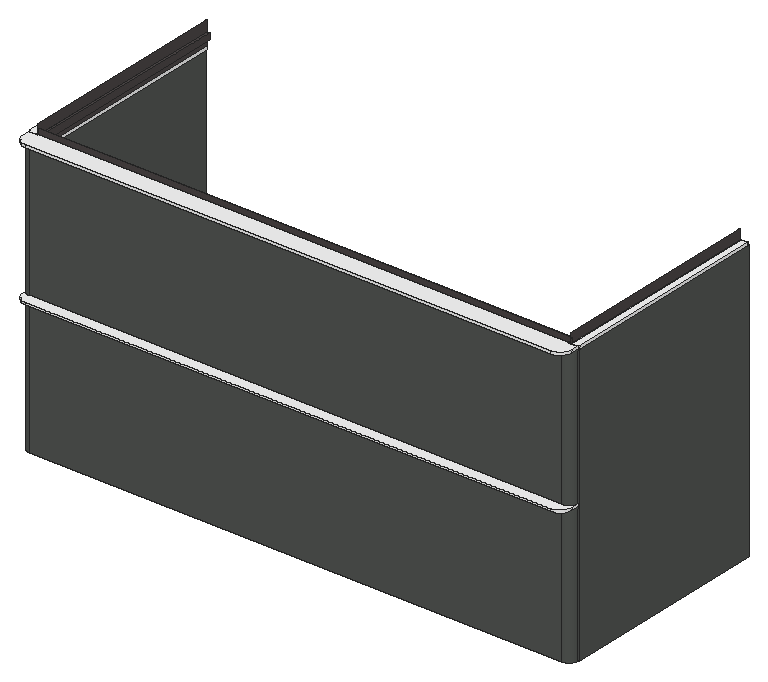
Revit family "vanity unit with 2 drawers", category Furniture, Revit 2019 (continued)
Definition of nested family "vanity unit 1180_475 with 2 drawers for washbasin-54038700-dark walnut-matt_white-400_content"
  Forms (mm)
    Extrusion 14, solid, visible <- "ContentVisible", detail levels medium+fine
      sketch origin (0, 0, 600) x (1, 0, 0) y (0, 1, 0)
        loop
          arc (590, -3) -> (589.121, -0.879) -> (587, 0) r 3
          line (587, 0) -> (574, 0)
      from 0 to 5
    Extrusion 15, solid, visible <- "ContentVisible", detail levels medium+fine
      sketch origin (0, 0, 0) x (1, 0, 0) y (0, 0, -1)
        loop
          line (-572.5, -575.3) -> (-572.5, -624.5) -> (-571, -624.5) -> (-571, -602.8) -> (-566.4, -602.8) -> (-566.4, -588.3) -> (-571, -588.3) -> (-571, -575.3) -> (-572.5, -575.3)
      from -453.5 to 0
    Extrusion 16, solid, visible <- "ContentVisible", detail levels medium+fine
      sketch origin (0, 0, 0) x (1, 0, 0) y (0, 0, -1)
        loop
          line (566.4, -588.3) -> (566.4, -602.8) -> (571, -602.8) -> (571, -624.5) -> (572.5, -624.5) -> (572.5, -575.3) -> (571, -575.3) -> (571, -588.3) -> (566.4, -588.3)
      from -453.5 to 0
    Extrusion 17, solid, visible <- "ContentVisible", detail levels medium+fine
      sketch origin (0, 0, 0) x (0, 0, -1) y (0, 1, 0)
        loop
          line (-616, -453.5) -> (-567, -453.5) -> (-567, -452) -> (-588.5, -452) -> (-588.5, -447.4) -> (-603, -447.4) -> (-603, -452) -> (-616, -452) -> (-616, -453.5)
      from -572.5 to 572.5
    Extrusion 18, solid, visible <- "ContentVisible", detail levels coarse
      sketch origin (0, -248, 0) x (1, 0, 0) y (0, 1, 0)
        loop
          line (-590, -248) -> (590, -248) -> (590, 248) -> (-590, 248) -> (-590, -248)
      from 0 to 624.5
  Dimensions and locks
    aligned and locked: level to plane 2
Definition of nested family "vanity unit 480_475 with 2 drawers for handrinse basin-54019000-high gloss white-chrome-200_content"
  Parameters (values of type "Vanity unit 480_475 with 2 drawers for handrinse basin-54019000-High Gloss White-CHROME-200_Content")
    etim7_EC011381 = "EC011381"
    WEIGHT = "25.3"
    UNSPSC = "56 | Furniture and Furnishings"
    UNIFORMATII = "E2010 | Fixed Furnishings"
    UNICLASS_2015_CODE = "40_30_78_05"
    UNICLASS2015 = "Pr_40_30_78_05 | Bathroom furniture"
    SURFACE = "CHROME"
    REGIONSET = "Worldwide"
    PRODUCTURL = "https://pro.hansgrohe.com/articledetail--54019000"
    PRODUCTGROUP = "vanity unit"
    PRODUCTFAMILY = "Xelu Q"
    PERMALINK = "54019XXX"
    OMNICLASS = "23-21 19 15 33 13 | Residential Bathroom Specialty Casework"
    OBJECTTYPE = "Object (single object)"
    OBERFLAECHE = "High Gloss White"
    NN = "Vanity Unit with 2 Drawers"
    NBSYN = "$BASENUMBER.-$ARTNR.-$OBERFLAECHE.-$SURFACE.-$LODLEVEL."
    NB = "Vanity unit 480/475 with 2 drawers for handrinse basin-54019000-High Gloss White-CHROME-200"
    NAME = "Xelu Q Vanity unit High Gloss White 480/475 with 2 drawers for handrinse basin"
    Model = "Vanity unit 480/475 with 2 drawers for handrinse basin-54019000-High Gloss White-CHROME-200"
    Manufacturer = "Hansgrohe"
    MASTERFORMAT = "12 35 30.23 | Bathroom Casework"
    LODLEVEL = "200"
    LINA = "Vanity unit 480/475 with 2 drawers for handrinse basin-54019000-High Gloss White-CHROME-200"
    L = 480
    IFC = "Furnishing element"
    GTINCODE = "4059625455289"
    ETIM = "EC011381 | Bathroom furniture set"
    Default Elevation = 1219.2 mm
    DESIGN = "Germany"
    ContentVisible [instance] = yes
    CATALOG = "Hansgrohe"
    BIMOBJECT = "Sanitary: Compound units"
    BASENUMBER = "Vanity unit 480/475 with 2 drawers for handrinse basin"
    ARTNR = "54019000"
  Reference planes
    plane 1 "Center (Front/Back)": y = 0
    plane 2: z = 0
    plane 3 "Center (Left/Right)": x = 0
  Forms (mm)
    Extrusion 1, solid, visible <- "ContentVisible", detail levels medium+fine
      sketch origin (0, 0, 0) x (1, 0, 0) y (0, 1, 0)
        loop
          line (-240, 0) -> (-240, -476) -> (240, -476) -> (240, 0) -> (224, 0) -> (224, -72) -> (-224, -72) -> (-224, 0) -> (-240, 0)
      from 0 to 600
    Extrusion 2, solid, visible <- "ContentVisible", detail levels medium+fine
      sketch origin (0, 0, 297) x (1, 0, 0) y (0, 1, 0)
        loop
          line (-238.5, -453.5) -> (-238.5, -496) -> (238.5, -496) -> (238.5, -453.5) -> (-238.5, -453.5)
      from 0 to 5
    Extrusion 3, solid, visible <- "ContentVisible", detail levels medium+fine
      sketch origin (0, 0, 600) x (1, 0, 0) y (0, 1, 0)
        loop
          line (-238.5, -453.5) -> (-238.5, -496) -> (238.5, -496) -> (238.5, -453.5) -> (-238.5, -453.5)
      from 0 to 5
    Extrusion 4, solid, visible <- "ContentVisible", detail levels medium+fine
      sketch origin (0, 0, 0) x (1, 0, 0) y (0, 0, -1)
        loop
          line (-224, -566.8) -> (-224, -605) -> (-222.5, -605) -> (-222.5, -566.8) -> (-224, -566.8)
      from -455 to 0
    Extrusion 5, solid, visible <- "ContentVisible", detail levels medium+fine
      sketch origin (0, 0, 0) x (1, 0, 0) y (0, 0, -1)
        loop
          line (222.5, -566.8) -> (222.5, -605) -> (224, -605) -> (224, -566.8) -> (222.5, -566.8)
      from -455 to 0
    Extrusion 6, solid, visible <- "ContentVisible", detail levels medium+fine
      sketch origin (0, 0, 600) x (1, 0, 0) y (0, 1, 0)
        loop
          line (-240, 0) -> (-240, -455) -> (-224, -455) -> (-224, 0) -> (-240, 0)
      from 0 to 5
    Extrusion 7, solid, visible <- "ContentVisible", detail levels medium+fine
      sketch origin (0, 0, 600) x (1, 0, 0) y (0, 1, 0)
        loop
          line (224, 0) -> (224, -455) -> (240, -455) -> (240, 0) -> (224, 0)
      from 0 to 5
    Extrusion 8, solid, visible <- "ContentVisible", detail levels medium+fine
      sketch origin (0, 0, 0) x (1, 0, 0) y (0, 0, -1)
        loop
          line (-222.5, -575.3) -> (-222.5, -624.5) -> (-216.4, -624.5) -> (-216.4, -575.3) -> (-222.5, -575.3)
      from -453.5 to 0
    Extrusion 9, solid, visible <- "ContentVisible", detail levels medium+fine
      sketch origin (0, 0, 0) x (1, 0, 0) y (0, 0, -1)
        loop
          line (216.4, -575.3) -> (216.4, -624.5) -> (222.5, -624.5) -> (222.5, -575.3) -> (216.4, -575.3)
      from -453.5 to 0
    Extrusion 10, solid, visible <- "ContentVisible", detail levels medium+fine
      sketch origin (0, 0, 0) x (0, 0, -1) y (0, 1, 0)
        loop
          line (-616, -453.5) -> (-567, -453.5) -> (-567, -447.4) -> (-616, -447.4) -> (-616, -453.5)
      from -222.5 to 222.5
    Extrusion 11, solid, visible <- "ContentVisible", detail levels coarse
      sketch origin (0, -248, 0) x (1, 0, 0) y (0, 1, 0)
        loop
          line (-240, -248) -> (240, -248) -> (240, 248) -> (-240, 248) -> (-240, -248)
      from 0 to 624.5
  Dimensions and locks
    aligned and locked: level to plane 2
Definition of nested family "vanity unit 480_475 with 2 drawers for handrinse basin-54019000-high gloss white-chrome-400_content"
  Parameters (values of type "Vanity unit 480_475 with 2 drawers for handrinse basin-54019000-High Gloss White-CHROME-400_Content")
    etim7_EC011381 = "EC011381"
    WEIGHT = "25.3"
    UNSPSC = "56 | Furniture and Furnishings"
    UNIFORMATII = "E2010 | Fixed Furnishings"
    UNICLASS_2015_CODE = "40_30_78_05"
    UNICLASS2015 = "Pr_40_30_78_05 | Bathroom furniture"
    SURFACE = "CHROME"
    REGIONSET = "Worldwide"
    PRODUCTURL = "https://pro.hansgrohe.com/articledetail--54019000"
    PRODUCTGROUP = "vanity unit"
    PRODUCTFAMILY = "Xelu Q"
    PERMALINK = "54019XXX"
    OMNICLASS = "23-21 19 15 33 13 | Residential Bathroom Specialty Casework"
    OBJECTTYPE = "Object (single object)"
    OBERFLAECHE = "High Gloss White"
    NN = "Vanity Unit with 2 Drawers"
    NBSYN = "$BASENUMBER.-$ARTNR.-$OBERFLAECHE.-$SURFACE.-$LODLEVEL."
    NB = "Vanity unit 480/475 with 2 drawers for handrinse basin-54019000-High Gloss White-CHROME-400"
    NAME = "Xelu Q Vanity unit High Gloss White 480/475 with 2 drawers for handrinse basin"
    Model = "Vanity unit 480/475 with 2 drawers for handrinse basin-54019000-High Gloss White-CHROME-400"
    Manufacturer = "Hansgrohe"
    MASTERFORMAT = "12 35 30.23 | Bathroom Casework"
    LODLEVEL = "400"
    LINA = "Vanity unit 480/475 with 2 drawers for handrinse basin-54019000-High Gloss White-CHROME-400"
    L = 480
    IFC = "Furnishing element"
    GTINCODE = "4059625455289"
    ETIM = "EC011381 | Bathroom furniture set"
    Default Elevation = 1219.2 mm
    DESIGN = "Germany"
    ContentVisible [instance] = yes
    CATALOG = "Hansgrohe"
    BIMOBJECT = "Sanitary: Compound units"
    BASENUMBER = "Vanity unit 480/475 with 2 drawers for handrinse basin"
    ARTNR = "54019000"
  Reference planes
    plane 1 "Center (Front/Back)": y = 0
    plane 2: z = 0
    plane 3 "Center (Left/Right)": x = 0
  Forms (mm)
    Extrusion 1, solid, visible <- "ContentVisible", detail levels medium+fine
      sketch origin (0, 0, 0) x (1, 0, 0) y (0, 1, 0)
        loop
          line (-240, 0) -> (-240, -452)
          arc (-240, -452) -> (-239.121, -454.121) -> (-237, -455) r 3
          line (-237, -455) -> (-224, -455) -> (-224, 0) -> (-240, 0)
      from 0 to 600
    Extrusion 2, solid, visible <- "ContentVisible", detail levels medium+fine
      sketch origin (0, 0, 2) x (1, 0, 0) y (0, 1, 0)
        loop
          line (-224, -88) -> (-224, -455) -> (224, -455) -> (224, -88) -> (-224, -88)
      from 0 to 16
    Extrusion 3, solid, visible <- "ContentVisible", detail levels medium+fine
      sketch origin (0, 0, 0) x (1, 0, 0) y (0, 1, 0)
        loop
          line (224, 0) -> (224, -455) -> (237, -455)
          arc (237, -455) -> (239.121, -454.121) -> (240, -452) r 3
          line (240, -452) -> (240, 0) -> (224, 0)
      from 0 to 600
    Extrusion 4, solid, visible <- "ContentVisible", detail levels medium+fine
      sketch origin (0, 0, 2) x (1, 0, 0) y (0, 1, 0)
        loop
          line (-224, -72) -> (-224, -88) -> (224, -88) -> (224, -72) -> (-224, -72)
      from 0 to 126
    Extrusion 5, solid, visible <- "ContentVisible", detail levels medium+fine
      sketch origin (0, 0, 2) x (1, 0, 0) y (0, 1, 0)
        loop
          arc (-240, -457) -> (-234.435, -470.435) -> (-221, -476) r 19
          line (-221, -476) -> (221, -476)
          arc (221, -476) -> (234.435, -470.435) -> (240, -457) r 19
          line (240, -457) -> (240, -455) -> (-240, -455) -> (-240, -457)
      from 0 to 295
    Extrusion 6, solid, visible <- "ContentVisible", detail levels medium+fine
      sketch origin (0, 0, 305) x (1, 0, 0) y (0, 1, 0)
        loop
          arc (-240, -457) -> (-234.435, -470.435) -> (-221, -476) r 19
          line (-221, -476) -> (221, -476)
          arc (221, -476) -> (234.435, -470.435) -> (240, -457) r 19
          line (240, -457) -> (240, -455) -> (-240, -455) -> (-240, -457)
      from 0 to 295
    Extrusion 7, solid, visible <- "ContentVisible", detail levels medium+fine
      sketch origin (0, 0, 297) x (1, 0, 0) y (0, 1, 0)
        loop
          line (-238.5, -455) -> (-238.5, -471)
          arc (-238.5, -471) -> (-231.178, -488.678) -> (-213.5, -496) r 25
          line (-213.5, -496) -> (213.5, -496)
          arc (213.5, -496) -> (231.178, -488.678) -> (238.5, -471) r 25
          line (238.5, -471) -> (238.5, -455) -> (218.5, -455) -> (218.5, -453.5) -> (-218.5, -453.5) -> (-218.5, -455) -> (-238.5, -455)
      from 0 to 5
    Extrusion 8, solid, visible <- "ContentVisible", detail levels medium+fine
      sketch origin (0, 0, 0) x (0, 0, -1) y (0, 1, 0)
        loop
          line (-297, -453.5) -> (-297, -455) -> (-267, -455) -> (-267, -453.5) -> (-297, -453.5)
      from -218.5 to 218.5
    Extrusion 9, solid, visible <- "ContentVisible", detail levels medium+fine
      sketch origin (0, 0, 600) x (1, 0, 0) y (0, 1, 0)
        loop
          line (-238.5, -455) -> (-238.5, -471)
          arc (-238.5, -471) -> (-231.178, -488.678) -> (-213.5, -496) r 25
          line (-213.5, -496) -> (213.5, -496)
          arc (213.5, -496) -> (231.178, -488.678) -> (238.5, -471) r 25
          line (238.5, -471) -> (238.5, -455) -> (218.5, -455) -> (218.5, -453.5) -> (-218.5, -453.5) -> (-218.5, -455) -> (-238.5, -455)
      from 0 to 5
    Extrusion 10, solid, visible <- "ContentVisible", detail levels medium+fine
      sketch origin (0, 0, 0) x (0, 0, -1) y (0, 1, 0)
        loop
          line (-600, -453.5) -> (-600, -455) -> (-570, -455) -> (-570, -453.5) -> (-600, -453.5)
      from -218.5 to 218.5
    Extrusion 11, solid, visible <- "ContentVisible", detail levels medium+fine
      sketch origin (0, 0, 0) x (1, 0, 0) y (0, 0, -1)
        loop
          line (-224, -566.8) -> (-224, -605) -> (-222.5, -605) -> (-222.5, -566.8) -> (-224, -566.8)
      from -455 to 0
    Extrusion 12, solid, visible <- "ContentVisible", detail levels medium+fine
      sketch origin (0, 0, 0) x (1, 0, 0) y (0, 0, -1)
        loop
          line (222.5, -566.8) -> (222.5, -605) -> (224, -605) -> (224, -566.8) -> (222.5, -566.8)
      from -455 to 0
    Extrusion 13, solid, visible <- "ContentVisible", detail levels medium+fine
      sketch origin (0, 0, 600) x (1, 0, 0) y (0, 1, 0)
        loop
          line (-240, -3) -> (-240, -452)
          arc (-240, -452) -> (-239.121, -454.121) -> (-237, -455) r 3
          line (-237, -455) -> (-224, -455) -> (-224, 0) -> (-237, 0)
          arc (-237, 0) -> (-239.121, -0.879) -> (-240, -3) r 3
      from 0 to 5
    Extrusion 14, solid, visible <- "ContentVisible", detail levels medium+fine
      sketch origin (0, 0, 600) x (1, 0, 0) y (0, 1, 0)
        loop
          line (224, 0) -> (224, -455) -> (237, -455)
          arc (237, -455) -> (239.121, -454.121) -> (240, -452) r 3
          line (240, -452) -> (240, -3)
          arc (240, -3) -> (239.121, -0.879) -> (237, 0) r 3
          line (237, 0) -> (224, 0)
      from 0 to 5
    Extrusion 15, solid, visible <- "ContentVisible", detail levels medium+fine
      sketch origin (0, 0, 0) x (1, 0, 0) y (0, 0, -1)
        loop
          line (-222.5, -575.3) -> (-222.5, -624.5) -> (-221, -624.5) -> (-221, -602.8) -> (-216.4, -602.8) -> (-216.4, -588.3) -> (-221, -588.3) -> (-221, -575.3) -> (-222.5, -575.3)
      from -453.5 to 0
    Extrusion 16, solid, visible <- "ContentVisible", detail levels medium+fine
      sketch origin (0, 0, 0) x (1, 0, 0) y (0, 0, -1)
        loop
          line (216.4, -588.3) -> (216.4, -602.8) -> (221, -602.8) -> (221, -624.5) -> (222.5, -624.5) -> (222.5, -575.3) -> (221, -575.3) -> (221, -588.3) -> (216.4, -588.3)
      from -453.5 to 0
    Extrusion 17, solid, visible <- "ContentVisible", detail levels medium+fine
      sketch origin (0, 0, 0) x (0, 0, -1) y (0, 1, 0)
        loop
          line (-616, -453.5) -> (-567, -453.5) -> (-567, -452) -> (-588.5, -452) -> (-588.5, -447.4) -> (-603, -447.4) -> (-603, -452) -> (-616, -452) -> (-616, -453.5)
      from -222.5 to 222.5
    Extrusion 18, solid, visible <- "ContentVisible", detail levels coarse
      sketch origin (0, -248, 0) x (1, 0, 0) y (0, 1, 0)
        loop
          line (-240, -248) -> (240, -248) -> (240, 248) -> (-240, 248) -> (-240, -248)
      from 0 to 624.5
  Dimensions and locks
    aligned and locked: level to plane 2
Definition of nested family "vanity unit 480_475 with 2 drawers for handrinse basin-54019670-high gloss white-matt_black-200_content"
  Parameters (values of type "Vanity unit 480_475 with 2 drawers for handrinse basin-54019670-High Gloss White-MATT_BLACK-200_Content")
    etim7_EC011381 = "EC011381"
    WEIGHT = "25.3"
    UNSPSC = "56 | Furniture and Furnishings"
    UNIFORMATII = "E2010 | Fixed Furnishings"
    UNICLASS_2015_CODE = "40_30_78_05"
    UNICLASS2015 = "Pr_40_30_78_05 | Bathroom furniture"
    SURFACE = "MATT_BLACK"
    REGIONSET = "Worldwide"
    PRODUCTURL = "https://pro.hansgrohe.com/articledetail--54019000"
    PRODUCTGROUP = "vanity unit"
    PRODUCTFAMILY = "Xelu Q"
    PERMALINK = "54019XXX"
    OMNICLASS = "23-21 19 15 33 13 | Residential Bathroom Specialty Casework"
    OBJECTTYPE = "Object (single object)"
    OBERFLAECHE = "High Gloss White"
    NN = "Vanity Unit with 2 Drawers"
    NBSYN = "$BASENUMBER.-$ARTNR.-$OBERFLAECHE.-$SURFACE.-$LODLEVEL."
    NB = "Vanity unit 480/475 with 2 drawers for handrinse basin-54019670-High Gloss White-MATT_BLACK-200"
    NAME = "Xelu Q Vanity unit High Gloss White 480/475 with 2 drawers for handrinse basin"
    Model = "Vanity unit 480/475 with 2 drawers for handrinse basin-54019670-High Gloss White-MATT_BLACK-200"
    Manufacturer = "Hansgrohe"
    MASTERFORMAT = "12 35 30.23 | Bathroom Casework"
    LODLEVEL = "200"
    LINA = "Vanity unit 480/475 with 2 drawers for handrinse basin-54019670-High Gloss White-MATT_BLACK-200"
    L = 480
    IFC = "Furnishing element"
    GTINCODE = "4059625455289"
    ETIM = "EC011381 | Bathroom furniture set"
    Default Elevation = 1219.2 mm
    DESIGN = "Germany"
    ContentVisible [instance] = yes
    CATALOG = "Hansgrohe"
    BIMOBJECT = "Sanitary: Compound units"
    BASENUMBER = "Vanity unit 480/475 with 2 drawers for handrinse basin"
    ARTNR = "54019670"
  Reference planes
    plane 1 "Center (Front/Back)": y = 0
    plane 2: z = 0
    plane 3 "Center (Left/Right)": x = 0
  Forms (mm)
    Extrusion 1, solid, visible <- "ContentVisible", detail levels medium+fine
      sketch origin (0, 0, 0) x (1, 0, 0) y (0, 1, 0)
        loop
          line (-240, 0) -> (-240, -476) -> (240, -476) -> (240, 0) -> (224, 0) -> (224, -72) -> (-224, -72) -> (-224, 0) -> (-240, 0)
      from 0 to 600
    Extrusion 2, solid, visible <- "ContentVisible", detail levels medium+fine
      sketch origin (0, 0, 297) x (1, 0, 0) y (0, 1, 0)
        loop
          line (-238.5, -453.5) -> (-238.5, -496) -> (238.5, -496) -> (238.5, -453.5) -> (-238.5, -453.5)
      from 0 to 5
    Extrusion 3, solid, visible <- "ContentVisible", detail levels medium+fine
      sketch origin (0, 0, 600) x (1, 0, 0) y (0, 1, 0)
        loop
          line (-238.5, -453.5) -> (-238.5, -496) -> (238.5, -496) -> (238.5, -453.5) -> (-238.5, -453.5)
      from 0 to 5
    Extrusion 4, solid, visible <- "ContentVisible", detail levels medium+fine
      sketch origin (0, 0, 0) x (1, 0, 0) y (0, 0, -1)
        loop
          line (-224, -566.8) -> (-224, -605) -> (-222.5, -605) -> (-222.5, -566.8) -> (-224, -566.8)
      from -455 to 0
    Extrusion 5, solid, visible <- "ContentVisible", detail levels medium+fine
      sketch origin (0, 0, 0) x (1, 0, 0) y (0, 0, -1)
        loop
          line (222.5, -566.8) -> (222.5, -605) -> (224, -605) -> (224, -566.8) -> (222.5, -566.8)
      from -455 to 0
    Extrusion 6, solid, visible <- "ContentVisible", detail levels medium+fine
      sketch origin (0, 0, 600) x (1, 0, 0) y (0, 1, 0)
        loop
          line (-240, 0) -> (-240, -455) -> (-224, -455) -> (-224, 0) -> (-240, 0)
      from 0 to 5
    Extrusion 7, solid, visible <- "ContentVisible", detail levels medium+fine
      sketch origin (0, 0, 600) x (1, 0, 0) y (0, 1, 0)
        loop
          line (224, 0) -> (224, -455) -> (240, -455) -> (240, 0) -> (224, 0)
      from 0 to 5
    Extrusion 8, solid, visible <- "ContentVisible", detail levels medium+fine
      sketch origin (0, 0, 0) x (1, 0, 0) y (0, 0, -1)
        loop
          line (-222.5, -575.3) -> (-222.5, -624.5) -> (-216.4, -624.5) -> (-216.4, -575.3) -> (-222.5, -575.3)
      from -453.5 to 0
    Extrusion 9, solid, visible <- "ContentVisible", detail levels medium+fine
      sketch origin (0, 0, 0) x (1, 0, 0) y (0, 0, -1)
        loop
          line (216.4, -575.3) -> (216.4, -624.5) -> (222.5, -624.5) -> (222.5, -575.3) -> (216.4, -575.3)
      from -453.5 to 0
    Extrusion 10, solid, visible <- "ContentVisible", detail levels medium+fine
      sketch origin (0, 0, 0) x (0, 0, -1) y (0, 1, 0)
        loop
          line (-616, -453.5) -> (-567, -453.5) -> (-567, -447.4) -> (-616, -447.4) -> (-616, -453.5)
      from -222.5 to 222.5
    Extrusion 11, solid, visible <- "ContentVisible", detail levels coarse
      sketch origin (0, -248, 0) x (1, 0, 0) y (0, 1, 0)
        loop
          line (-240, -248) -> (240, -248) -> (240, 248) -> (-240, 248) -> (-240, -248)
      from 0 to 624.5
  Dimensions and locks
    aligned and locked: level to plane 2
Definition of nested family "vanity unit 480_475 with 2 drawers for handrinse basin-54019670-high gloss white-matt_black-400_content"
  Parameters (values of type "Vanity unit 480_475 with 2 drawers for handrinse basin-54019670-High Gloss White-MATT_BLACK-400_Content")
    etim7_EC011381 = "EC011381"
    WEIGHT = "25.3"
    UNSPSC = "56 | Furniture and Furnishings"
    UNIFORMATII = "E2010 | Fixed Furnishings"
    UNICLASS_2015_CODE = "40_30_78_05"
    UNICLASS2015 = "Pr_40_30_78_05 | Bathroom furniture"
    SURFACE = "MATT_BLACK"
    REGIONSET = "Worldwide"
    PRODUCTURL = "https://pro.hansgrohe.com/articledetail--54019000"
    PRODUCTGROUP = "vanity unit"
    PRODUCTFAMILY = "Xelu Q"
    PERMALINK = "54019XXX"
    OMNICLASS = "23-21 19 15 33 13 | Residential Bathroom Specialty Casework"
    OBJECTTYPE = "Object (single object)"
    OBERFLAECHE = "High Gloss White"
    NN = "Vanity Unit with 2 Drawers"
    NBSYN = "$BASENUMBER.-$ARTNR.-$OBERFLAECHE.-$SURFACE.-$LODLEVEL."
    NB = "Vanity unit 480/475 with 2 drawers for handrinse basin-54019670-High Gloss White-MATT_BLACK-400"
    NAME = "Xelu Q Vanity unit High Gloss White 480/475 with 2 drawers for handrinse basin"
    Model = "Vanity unit 480/475 with 2 drawers for handrinse basin-54019670-High Gloss White-MATT_BLACK-400"
    Manufacturer = "Hansgrohe"
    MASTERFORMAT = "12 35 30.23 | Bathroom Casework"
    LODLEVEL = "400"
    LINA = "Vanity unit 480/475 with 2 drawers for handrinse basin-54019670-High Gloss White-MATT_BLACK-400"
    L = 480
    IFC = "Furnishing element"
    GTINCODE = "4059625455289"
    ETIM = "EC011381 | Bathroom furniture set"
    Default Elevation = 1219.2 mm
    DESIGN = "Germany"
    ContentVisible [instance] = yes
    CATALOG = "Hansgrohe"
    BIMOBJECT = "Sanitary: Compound units"
    BASENUMBER = "Vanity unit 480/475 with 2 drawers for handrinse basin"
    ARTNR = "54019670"
  Reference planes
    plane 1 "Center (Front/Back)": y = 0
    plane 2: z = 0
    plane 3 "Center (Left/Right)": x = 0
  Forms (mm)
    Extrusion 1, solid, visible <- "ContentVisible", detail levels medium+fine
      sketch origin (0, 0, 0) x (1, 0, 0) y (0, 1, 0)
        loop
          line (-240, 0) -> (-240, -452)
          arc (-240, -452) -> (-239.121, -454.121) -> (-237, -455) r 3
          line (-237, -455) -> (-224, -455) -> (-224, 0) -> (-240, 0)
      from 0 to 600
    Extrusion 2, solid, visible <- "ContentVisible", detail levels medium+fine
      sketch origin (0, 0, 2) x (1, 0, 0) y (0, 1, 0)
        loop
          line (-224, -88) -> (-224, -455) -> (224, -455) -> (224, -88) -> (-224, -88)
      from 0 to 16
    Extrusion 3, solid, visible <- "ContentVisible", detail levels medium+fine
      sketch origin (0, 0, 0) x (1, 0, 0) y (0, 1, 0)
        loop
          line (224, 0) -> (224, -455) -> (237, -455)
          arc (237, -455) -> (239.121, -454.121) -> (240, -452) r 3
          line (240, -452) -> (240, 0) -> (224, 0)
      from 0 to 600
    Extrusion 4, solid, visible <- "ContentVisible", detail levels medium+fine
      sketch origin (0, 0, 2) x (1, 0, 0) y (0, 1, 0)
        loop
          line (-224, -72) -> (-224, -88) -> (224, -88) -> (224, -72) -> (-224, -72)
      from 0 to 126
    Extrusion 5, solid, visible <- "ContentVisible", detail levels medium+fine
      sketch origin (0, 0, 2) x (1, 0, 0) y (0, 1, 0)
        loop
          arc (-240, -457) -> (-234.435, -470.435) -> (-221, -476) r 19
          line (-221, -476) -> (221, -476)
          arc (221, -476) -> (234.435, -470.435) -> (240, -457) r 19
          line (240, -457) -> (240, -455) -> (-240, -455) -> (-240, -457)
      from 0 to 295
    Extrusion 6, solid, visible <- "ContentVisible", detail levels medium+fine
      sketch origin (0, 0, 305) x (1, 0, 0) y (0, 1, 0)
        loop
          arc (-240, -457) -> (-234.435, -470.435) -> (-221, -476) r 19
          line (-221, -476) -> (221, -476)
          arc (221, -476) -> (234.435, -470.435) -> (240, -457) r 19
          line (240, -457) -> (240, -455) -> (-240, -455) -> (-240, -457)
      from 0 to 295
    Extrusion 7, solid, visible <- "ContentVisible", detail levels medium+fine
      sketch origin (0, 0, 297) x (1, 0, 0) y (0, 1, 0)
        loop
          line (-238.5, -455) -> (-238.5, -471)
          arc (-238.5, -471) -> (-231.178, -488.678) -> (-213.5, -496) r 25
          line (-213.5, -496) -> (213.5, -496)
          arc (213.5, -496) -> (231.178, -488.678) -> (238.5, -471) r 25
          line (238.5, -471) -> (238.5, -455) -> (218.5, -455) -> (218.5, -453.5) -> (-218.5, -453.5) -> (-218.5, -455) -> (-238.5, -455)
      from 0 to 5
    Extrusion 8, solid, visible <- "ContentVisible", detail levels medium+fine
      sketch origin (0, 0, 0) x (0, 0, -1) y (0, 1, 0)
        loop
          line (-297, -453.5) -> (-297, -455) -> (-267, -455) -> (-267, -453.5) -> (-297, -453.5)
      from -218.5 to 218.5
    Extrusion 9, solid, visible <- "ContentVisible", detail levels medium+fine
      sketch origin (0, 0, 600) x (1, 0, 0) y (0, 1, 0)
        loop
          line (-238.5, -455) -> (-238.5, -471)
          arc (-238.5, -471) -> (-231.178, -488.678) -> (-213.5, -496) r 25
          line (-213.5, -496) -> (213.5, -496)
          arc (213.5, -496) -> (231.178, -488.678) -> (238.5, -471) r 25
          line (238.5, -471) -> (238.5, -455) -> (218.5, -455) -> (218.5, -453.5) -> (-218.5, -453.5) -> (-218.5, -455) -> (-238.5, -455)
      from 0 to 5
    Extrusion 10, solid, visible <- "ContentVisible", detail levels medium+fine
      sketch origin (0, 0, 0) x (0, 0, -1) y (0, 1, 0)
        loop
          line (-600, -453.5) -> (-600, -455) -> (-570, -455) -> (-570, -453.5) -> (-600, -453.5)
      from -218.5 to 218.5
    Extrusion 11, solid, visible <- "ContentVisible", detail levels medium+fine
      sketch origin (0, 0, 0) x (1, 0, 0) y (0, 0, -1)
        loop
          line (-224, -566.8) -> (-224, -605) -> (-222.5, -605) -> (-222.5, -566.8) -> (-224, -566.8)
      from -455 to 0
    Extrusion 12, solid, visible <- "ContentVisible", detail levels medium+fine
      sketch origin (0, 0, 0) x (1, 0, 0) y (0, 0, -1)
        loop
          line (222.5, -566.8) -> (222.5, -605) -> (224, -605) -> (224, -566.8) -> (222.5, -566.8)
      from -455 to 0
    Extrusion 13, solid, visible <- "ContentVisible", detail levels medium+fine
      sketch origin (0, 0, 600) x (1, 0, 0) y (0, 1, 0)
        loop
          line (-240, -3) -> (-240, -452)
          arc (-240, -452) -> (-239.121, -454.121) -> (-237, -455) r 3
          line (-237, -455) -> (-224, -455) -> (-224, 0) -> (-237, 0)
          arc (-237, 0) -> (-239.121, -0.879) -> (-240, -3) r 3
      from 0 to 5
    Extrusion 14, solid, visible <- "ContentVisible", detail levels medium+fine
      sketch origin (0, 0, 600) x (1, 0, 0) y (0, 1, 0)
        loop
          line (224, 0) -> (224, -455) -> (237, -455)
          arc (237, -455) -> (239.121, -454.121) -> (240, -452) r 3
          line (240, -452) -> (240, -3)
          arc (240, -3) -> (239.121, -0.879) -> (237, 0) r 3
          line (237, 0) -> (224, 0)
      from 0 to 5
    Extrusion 15, solid, visible <- "ContentVisible", detail levels medium+fine
      sketch origin (0, 0, 0) x (1, 0, 0) y (0, 0, -1)
        loop
          line (-222.5, -575.3) -> (-222.5, -624.5) -> (-221, -624.5) -> (-221, -602.8) -> (-216.4, -602.8) -> (-216.4, -588.3) -> (-221, -588.3) -> (-221, -575.3) -> (-222.5, -575.3)
      from -453.5 to 0
    Extrusion 16, solid, visible <- "ContentVisible", detail levels medium+fine
      sketch origin (0, 0, 0) x (1, 0, 0) y (0, 0, -1)
        loop
          line (216.4, -588.3) -> (216.4, -602.8) -> (221, -602.8) -> (221, -624.5) -> (222.5, -624.5) -> (222.5, -575.3) -> (221, -575.3) -> (221, -588.3) -> (216.4, -588.3)
      from -453.5 to 0
    Extrusion 17, solid, visible <- "ContentVisible", detail levels medium+fine
      sketch origin (0, 0, 0) x (0, 0, -1) y (0, 1, 0)
        loop
          line (-616, -453.5) -> (-567, -453.5) -> (-567, -452) -> (-588.5, -452) -> (-588.5, -447.4) -> (-603, -447.4) -> (-603, -452) -> (-616, -452) -> (-616, -453.5)
      from -222.5 to 222.5
    Extrusion 18, solid, visible <- "ContentVisible", detail levels coarse
      sketch origin (0, -248, 0) x (1, 0, 0) y (0, 1, 0)
        loop
          line (-240, -248) -> (240, -248) -> (240, 248) -> (-240, 248) -> (-240, -248)
      from 0 to 624.5
  Dimensions and locks
    aligned and locked: level to plane 2
Definition of nested family "vanity unit 480_475 with 2 drawers for handrinse basin-54019700-high gloss white-matt_white-200_content"
  Parameters (values of type "Vanity unit 480_475 with 2 drawers for handrinse basin-54019700-High Gloss White-MATT_WHITE-200_Content")
    etim7_EC011381 = "EC011381"
    WEIGHT = "25.3"
    UNSPSC = "56 | Furniture and Furnishings"
    UNIFORMATII = "E2010 | Fixed Furnishings"
    UNICLASS_2015_CODE = "40_30_78_05"
    UNICLASS2015 = "Pr_40_30_78_05 | Bathroom furniture"
    SURFACE = "MATT_WHITE"
    REGIONSET = "Worldwide"
    PRODUCTURL = "https://pro.hansgrohe.com/articledetail--54019000"
    PRODUCTGROUP = "vanity unit"
    PRODUCTFAMILY = "Xelu Q"
    PERMALINK = "54019XXX"
    OMNICLASS = "23-21 19 15 33 13 | Residential Bathroom Specialty Casework"
    OBJECTTYPE = "Object (single object)"
    OBERFLAECHE = "High Gloss White"
    NN = "Vanity Unit with 2 Drawers"
    NBSYN = "$BASENUMBER.-$ARTNR.-$OBERFLAECHE.-$SURFACE.-$LODLEVEL."
    NB = "Vanity unit 480/475 with 2 drawers for handrinse basin-54019700-High Gloss White-MATT_WHITE-200"
    NAME = "Xelu Q Vanity unit High Gloss White 480/475 with 2 drawers for handrinse basin"
    Model = "Vanity unit 480/475 with 2 drawers for handrinse basin-54019700-High Gloss White-MATT_WHITE-200"
    Manufacturer = "Hansgrohe"
    MASTERFORMAT = "12 35 30.23 | Bathroom Casework"
    LODLEVEL = "200"
    LINA = "Vanity unit 480/475 with 2 drawers for handrinse basin-54019700-High Gloss White-MATT_WHITE-200"
    L = 480
    IFC = "Furnishing element"
    GTINCODE = "4059625455289"
    ETIM = "EC011381 | Bathroom furniture set"
    Default Elevation = 1219.2 mm
    DESIGN = "Germany"
    ContentVisible [instance] = yes
    CATALOG = "Hansgrohe"
    BIMOBJECT = "Sanitary: Compound units"
    BASENUMBER = "Vanity unit 480/475 with 2 drawers for handrinse basin"
    ARTNR = "54019700"
  Reference planes
    plane 1 "Center (Front/Back)": y = 0
    plane 2: z = 0
    plane 3 "Center (Left/Right)": x = 0
  Forms (mm)
    Extrusion 1, solid, visible <- "ContentVisible", detail levels medium+fine
      sketch origin (0, 0, 0) x (1, 0, 0) y (0, 1, 0)
        loop
          line (-240, 0) -> (-240, -476) -> (240, -476) -> (240, 0) -> (224, 0) -> (224, -72) -> (-224, -72) -> (-224, 0) -> (-240, 0)
      from 0 to 600
    Extrusion 2, solid, visible <- "ContentVisible", detail levels medium+fine
      sketch origin (0, 0, 297) x (1, 0, 0) y (0, 1, 0)
        loop
          line (-238.5, -453.5) -> (-238.5, -496) -> (238.5, -496) -> (238.5, -453.5) -> (-238.5, -453.5)
      from 0 to 5
    Extrusion 3, solid, visible <- "ContentVisible", detail levels medium+fine
      sketch origin (0, 0, 600) x (1, 0, 0) y (0, 1, 0)
        loop
          line (-238.5, -453.5) -> (-238.5, -496) -> (238.5, -496) -> (238.5, -453.5) -> (-238.5, -453.5)
      from 0 to 5
    Extrusion 4, solid, visible <- "ContentVisible", detail levels medium+fine
      sketch origin (0, 0, 0) x (1, 0, 0) y (0, 0, -1)
        loop
          line (-224, -566.8) -> (-224, -605) -> (-222.5, -605) -> (-222.5, -566.8) -> (-224, -566.8)
      from -455 to 0
    Extrusion 5, solid, visible <- "ContentVisible", detail levels medium+fine
      sketch origin (0, 0, 0) x (1, 0, 0) y (0, 0, -1)
        loop
          line (222.5, -566.8) -> (222.5, -605) -> (224, -605) -> (224, -566.8) -> (222.5, -566.8)
      from -455 to 0
    Extrusion 6, solid, visible <- "ContentVisible", detail levels medium+fine
      sketch origin (0, 0, 600) x (1, 0, 0) y (0, 1, 0)
        loop
          line (-240, 0) -> (-240, -455) -> (-224, -455) -> (-224, 0) -> (-240, 0)
      from 0 to 5
    Extrusion 7, solid, visible <- "ContentVisible", detail levels medium+fine
      sketch origin (0, 0, 600) x (1, 0, 0) y (0, 1, 0)
        loop
          line (224, 0) -> (224, -455) -> (240, -455) -> (240, 0) -> (224, 0)
      from 0 to 5
    Extrusion 8, solid, visible <- "ContentVisible", detail levels medium+fine
      sketch origin (0, 0, 0) x (1, 0, 0) y (0, 0, -1)
        loop
          line (-222.5, -575.3) -> (-222.5, -624.5) -> (-216.4, -624.5) -> (-216.4, -575.3) -> (-222.5, -575.3)
      from -453.5 to 0
    Extrusion 9, solid, visible <- "ContentVisible", detail levels medium+fine
      sketch origin (0, 0, 0) x (1, 0, 0) y (0, 0, -1)
        loop
          line (216.4, -575.3) -> (216.4, -624.5) -> (222.5, -624.5) -> (222.5, -575.3) -> (216.4, -575.3)
      from -453.5 to 0
    Extrusion 10, solid, visible <- "ContentVisible", detail levels medium+fine
      sketch origin (0, 0, 0) x (0, 0, -1) y (0, 1, 0)
        loop
          line (-616, -453.5) -> (-567, -453.5) -> (-567, -447.4) -> (-616, -447.4) -> (-616, -453.5)
      from -222.5 to 222.5
    Extrusion 11, solid, visible <- "ContentVisible", detail levels coarse
      sketch origin (0, -248, 0) x (1, 0, 0) y (0, 1, 0)
        loop
          line (-240, -248) -> (240, -248) -> (240, 248) -> (-240, 248) -> (-240, -248)
      from 0 to 624.5
  Dimensions and locks
    aligned and locked: level to plane 2
Definition of nested family "vanity unit 480_475 with 2 drawers for handrinse basin-54019700-high gloss white-matt_white-400_content"
  Parameters (values of type "Vanity unit 480_475 with 2 drawers for handrinse basin-54019700-High Gloss White-MATT_WHITE-400_Content")
    etim7_EC011381 = "EC011381"
    WEIGHT = "25.3"
    UNSPSC = "56 | Furniture and Furnishings"
    UNIFORMATII = "E2010 | Fixed Furnishings"
    UNICLASS_2015_CODE = "40_30_78_05"
    UNICLASS2015 = "Pr_40_30_78_05 | Bathroom furniture"
    SURFACE = "MATT_WHITE"
    REGIONSET = "Worldwide"
    PRODUCTURL = "https://pro.hansgrohe.com/articledetail--54019000"
    PRODUCTGROUP = "vanity unit"
    PRODUCTFAMILY = "Xelu Q"
    PERMALINK = "54019XXX"
    OMNICLASS = "23-21 19 15 33 13 | Residential Bathroom Specialty Casework"
    OBJECTTYPE = "Object (single object)"
    OBERFLAECHE = "High Gloss White"
    NN = "Vanity Unit with 2 Drawers"
    NBSYN = "$BASENUMBER.-$ARTNR.-$OBERFLAECHE.-$SURFACE.-$LODLEVEL."
    NB = "Vanity unit 480/475 with 2 drawers for handrinse basin-54019700-High Gloss White-MATT_WHITE-400"
    NAME = "Xelu Q Vanity unit High Gloss White 480/475 with 2 drawers for handrinse basin"
    Model = "Vanity unit 480/475 with 2 drawers for handrinse basin-54019700-High Gloss White-MATT_WHITE-400"
    Manufacturer = "Hansgrohe"
    MASTERFORMAT = "12 35 30.23 | Bathroom Casework"
    LODLEVEL = "400"
    LINA = "Vanity unit 480/475 with 2 drawers for handrinse basin-54019700-High Gloss White-MATT_WHITE-400"
    L = 480
    IFC = "Furnishing element"
    GTINCODE = "4059625455289"
    ETIM = "EC011381 | Bathroom furniture set"
    Default Elevation = 1219.2 mm
    DESIGN = "Germany"
    ContentVisible [instance] = yes
    CATALOG = "Hansgrohe"
    BIMOBJECT = "Sanitary: Compound units"
    BASENUMBER = "Vanity unit 480/475 with 2 drawers for handrinse basin"
    ARTNR = "54019700"
  Reference planes
    plane 1 "Center (Front/Back)": y = 0
    plane 2: z = 0
    plane 3 "Center (Left/Right)": x = 0
  Forms (mm)
    Extrusion 1, solid, visible <- "ContentVisible", detail levels medium+fine
      sketch origin (0, 0, 0) x (1, 0, 0) y (0, 1, 0)
        loop
          line (-240, 0) -> (-240, -452)
          arc (-240, -452) -> (-239.121, -454.121) -> (-237, -455) r 3
          line (-237, -455) -> (-224, -455) -> (-224, 0) -> (-240, 0)
      from 0 to 600
    Extrusion 2, solid, visible <- "ContentVisible", detail levels medium+fine
      sketch origin (0, 0, 2) x (1, 0, 0) y (0, 1, 0)
        loop
          line (-224, -88) -> (-224, -455) -> (224, -455) -> (224, -88) -> (-224, -88)
      from 0 to 16
    Extrusion 3, solid, visible <- "ContentVisible", detail levels medium+fine
      sketch origin (0, 0, 0) x (1, 0, 0) y (0, 1, 0)
        loop
          line (224, 0) -> (224, -455) -> (237, -455)
          arc (237, -455) -> (239.121, -454.121) -> (240, -452) r 3
          line (240, -452) -> (240, 0) -> (224, 0)
      from 0 to 600
    Extrusion 4, solid, visible <- "ContentVisible", detail levels medium+fine
      sketch origin (0, 0, 2) x (1, 0, 0) y (0, 1, 0)
        loop
          line (-224, -72) -> (-224, -88) -> (224, -88) -> (224, -72) -> (-224, -72)
      from 0 to 126
    Extrusion 5, solid, visible <- "ContentVisible", detail levels medium+fine
      sketch origin (0, 0, 2) x (1, 0, 0) y (0, 1, 0)
        loop
          arc (-240, -457) -> (-234.435, -470.435) -> (-221, -476) r 19
          line (-221, -476) -> (221, -476)
          arc (221, -476) -> (234.435, -470.435) -> (240, -457) r 19
          line (240, -457) -> (240, -455) -> (-240, -455) -> (-240, -457)
      from 0 to 295
    Extrusion 6, solid, visible <- "ContentVisible", detail levels medium+fine
      sketch origin (0, 0, 305) x (1, 0, 0) y (0, 1, 0)
        loop
          arc (-240, -457) -> (-234.435, -470.435) -> (-221, -476) r 19
          line (-221, -476) -> (221, -476)
          arc (221, -476) -> (234.435, -470.435) -> (240, -457) r 19
          line (240, -457) -> (240, -455) -> (-240, -455) -> (-240, -457)
      from 0 to 295
    Extrusion 7, solid, visible <- "ContentVisible", detail levels medium+fine
      sketch origin (0, 0, 297) x (1, 0, 0) y (0, 1, 0)
        loop
          line (-238.5, -455) -> (-238.5, -471)
          arc (-238.5, -471) -> (-231.178, -488.678) -> (-213.5, -496) r 25
          line (-213.5, -496) -> (213.5, -496)
          arc (213.5, -496) -> (231.178, -488.678) -> (238.5, -471) r 25
          line (238.5, -471) -> (238.5, -455) -> (218.5, -455) -> (218.5, -453.5) -> (-218.5, -453.5) -> (-218.5, -455) -> (-238.5, -455)
      from 0 to 5
    Extrusion 8, solid, visible <- "ContentVisible", detail levels medium+fine
      sketch origin (0, 0, 0) x (0, 0, -1) y (0, 1, 0)
        loop
          line (-297, -453.5) -> (-297, -455) -> (-267, -455) -> (-267, -453.5) -> (-297, -453.5)
      from -218.5 to 218.5
    Extrusion 9, solid, visible <- "ContentVisible", detail levels medium+fine
      sketch origin (0, 0, 600) x (1, 0, 0) y (0, 1, 0)
        loop
          line (-238.5, -455) -> (-238.5, -471)
          arc (-238.5, -471) -> (-231.178, -488.678) -> (-213.5, -496) r 25
          line (-213.5, -496) -> (213.5, -496)
          arc (213.5, -496) -> (231.178, -488.678) -> (238.5, -471) r 25
          line (238.5, -471) -> (238.5, -455) -> (218.5, -455) -> (218.5, -453.5) -> (-218.5, -453.5) -> (-218.5, -455) -> (-238.5, -455)
      from 0 to 5
    Extrusion 10, solid, visible <- "ContentVisible", detail levels medium+fine
      sketch origin (0, 0, 0) x (0, 0, -1) y (0, 1, 0)
        loop
          line (-600, -453.5) -> (-600, -455) -> (-570, -455) -> (-570, -453.5) -> (-600, -453.5)
      from -218.5 to 218.5
    Extrusion 11, solid, visible <- "ContentVisible", detail levels medium+fine
      sketch origin (0, 0, 0) x (1, 0, 0) y (0, 0, -1)
        loop
          line (-224, -566.8) -> (-224, -605) -> (-222.5, -605) -> (-222.5, -566.8) -> (-224, -566.8)
      from -455 to 0
    Extrusion 12, solid, visible <- "ContentVisible", detail levels medium+fine
      sketch origin (0, 0, 0) x (1, 0, 0) y (0, 0, -1)
        loop
          line (222.5, -566.8) -> (222.5, -605) -> (224, -605) -> (224, -566.8) -> (222.5, -566.8)
      from -455 to 0
    Extrusion 13, solid, visible <- "ContentVisible", detail levels medium+fine
      sketch origin (0, 0, 600) x (1, 0, 0) y (0, 1, 0)
        loop
          line (-240, -3) -> (-240, -452)
          arc (-240, -452) -> (-239.121, -454.121) -> (-237, -455) r 3
          line (-237, -455) -> (-224, -455) -> (-224, 0) -> (-237, 0)
          arc (-237, 0) -> (-239.121, -0.879) -> (-240, -3) r 3
      from 0 to 5
    Extrusion 14, solid, visible <- "ContentVisible", detail levels medium+fine
      sketch origin (0, 0, 600) x (1, 0, 0) y (0, 1, 0)
        loop
          line (224, 0) -> (224, -455) -> (237, -455)
          arc (237, -455) -> (239.121, -454.121) -> (240, -452) r 3
          line (240, -452) -> (240, -3)
          arc (240, -3) -> (239.121, -0.879) -> (237, 0) r 3
          line (237, 0) -> (224, 0)
      from 0 to 5
    Extrusion 15, solid, visible <- "ContentVisible", detail levels medium+fine
      sketch origin (0, 0, 0) x (1, 0, 0) y (0, 0, -1)
        loop
          line (-222.5, -575.3) -> (-222.5, -624.5) -> (-221, -624.5) -> (-221, -602.8) -> (-216.4, -602.8) -> (-216.4, -588.3) -> (-221, -588.3) -> (-221, -575.3) -> (-222.5, -575.3)
      from -453.5 to 0
    Extrusion 16, solid, visible <- "ContentVisible", detail levels medium+fine
      sketch origin (0, 0, 0) x (1, 0, 0) y (0, 0, -1)
        loop
          line (216.4, -588.3) -> (216.4, -602.8) -> (221, -602.8) -> (221, -624.5) -> (222.5, -624.5) -> (222.5, -575.3) -> (221, -575.3) -> (221, -588.3) -> (216.4, -588.3)
      from -453.5 to 0
    Extrusion 17, solid, visible <- "ContentVisible", detail levels medium+fine
      sketch origin (0, 0, 0) x (0, 0, -1) y (0, 1, 0)
        loop
          line (-616, -453.5) -> (-567, -453.5) -> (-567, -452) -> (-588.5, -452) -> (-588.5, -447.4) -> (-603, -447.4) -> (-603, -452) -> (-616, -452) -> (-616, -453.5)
      from -222.5 to 222.5
    Extrusion 18, solid, visible <- "ContentVisible", detail levels coarse
      sketch origin (0, -248, 0) x (1, 0, 0) y (0, 1, 0)
        loop
          line (-240, -248) -> (240, -248) -> (240, 248) -> (-240, 248) -> (-240, -248)
      from 0 to 624.5
  Dimensions and locks
    aligned and locked: level to plane 2
Definition of nested family "vanity unit 480_475 with 2 drawers for handrinse basin-54020000-diamond matt grey-chrome-200_content"
  Parameters (values of type "Vanity unit 480_475 with 2 drawers for handrinse basin-54020000-Diamond Matt Grey-CHROME-200_Content")
    etim7_EC011381 = "EC011381"
    WEIGHT = "25.3"
    UNSPSC = "56 | Furniture and Furnishings"
    UNIFORMATII = "E2010 | Fixed Furnishings"
    UNICLASS_2015_CODE = "40_30_78_05"
    UNICLASS2015 = "Pr_40_30_78_05 | Bathroom furniture"
    SURFACE = "CHROME"
    REGIONSET = "Worldwide"
    PRODUCTURL = "https://pro.hansgrohe.com/articledetail--54020000"
    PRODUCTGROUP = "vanity unit"
    PRODUCTFAMILY = "Xelu Q"
    PERMALINK = "54020XXX"
    OMNICLASS = "23-21 19 15 33 13 | Residential Bathroom Specialty Casework"
    OBJECTTYPE = "Object (single object)"
    OBERFLAECHE = "Diamond Matt Grey"
    NN = "Vanity Unit with 2 Drawers"
    NBSYN = "$BASENUMBER.-$ARTNR.-$OBERFLAECHE.-$SURFACE.-$LODLEVEL."
    NB = "Vanity unit 480/475 with 2 drawers for handrinse basin-54020000-Diamond Matt Grey-CHROME-200"
    NAME = "Xelu Q Vanity unit Diamond Matt Grey 480/475 with 2 drawers for handrinse basin"
    Model = "Vanity unit 480/475 with 2 drawers for handrinse basin-54020000-Diamond Matt Grey-CHROME-200"
    Manufacturer = "Hansgrohe"
    MASTERFORMAT = "12 35 30.23 | Bathroom Casework"
    LODLEVEL = "200"
    LINA = "Vanity unit 480/475 with 2 drawers for handrinse basin-54020000-Diamond Matt Grey-CHROME-200"
    L = 480
    IFC = "Furnishing element"
    GTINCODE = "4059625455258"
    ETIM = "EC011381 | Bathroom furniture set"
    Default Elevation = 1219.2 mm
    DESIGN = "Germany"
    ContentVisible [instance] = yes
    CATALOG = "Hansgrohe"
    BIMOBJECT = "Sanitary: Compound units"
    BASENUMBER = "Vanity unit 480/475 with 2 drawers for handrinse basin"
    ARTNR = "54020000"
  Reference planes
    plane 1 "Center (Front/Back)": y = 0
    plane 2: z = 0
    plane 3 "Center (Left/Right)": x = 0
  Forms (mm)
    Extrusion 1, solid, visible <- "ContentVisible", detail levels medium+fine
      sketch origin (0, 0, 0) x (1, 0, 0) y (0, 1, 0)
        loop
          line (-240, 0) -> (-240, -476) -> (240, -476) -> (240, 0) -> (224, 0) -> (224, -72) -> (-224, -72) -> (-224, 0) -> (-240, 0)
      from 0 to 600
    Extrusion 2, solid, visible <- "ContentVisible", detail levels medium+fine
      sketch origin (0, 0, 297) x (1, 0, 0) y (0, 1, 0)
        loop
          line (-238.5, -453.5) -> (-238.5, -496) -> (238.5, -496) -> (238.5, -453.5) -> (-238.5, -453.5)
      from 0 to 5
    Extrusion 3, solid, visible <- "ContentVisible", detail levels medium+fine
      sketch origin (0, 0, 600) x (1, 0, 0) y (0, 1, 0)
        loop
          line (-238.5, -453.5) -> (-238.5, -496) -> (238.5, -496) -> (238.5, -453.5) -> (-238.5, -453.5)
      from 0 to 5
    Extrusion 4, solid, visible <- "ContentVisible", detail levels medium+fine
      sketch origin (0, 0, 0) x (1, 0, 0) y (0, 0, -1)
        loop
          line (-224, -566.8) -> (-224, -605) -> (-222.5, -605) -> (-222.5, -566.8) -> (-224, -566.8)
      from -455 to 0
    Extrusion 5, solid, visible <- "ContentVisible", detail levels medium+fine
      sketch origin (0, 0, 0) x (1, 0, 0) y (0, 0, -1)
        loop
          line (222.5, -566.8) -> (222.5, -605) -> (224, -605) -> (224, -566.8) -> (222.5, -566.8)
      from -455 to 0
    Extrusion 6, solid, visible <- "ContentVisible", detail levels medium+fine
      sketch origin (0, 0, 600) x (1, 0, 0) y (0, 1, 0)
        loop
          line (-240, 0) -> (-240, -455) -> (-224, -455) -> (-224, 0) -> (-240, 0)
      from 0 to 5
    Extrusion 7, solid, visible <- "ContentVisible", detail levels medium+fine
      sketch origin (0, 0, 600) x (1, 0, 0) y (0, 1, 0)
        loop
          line (224, 0) -> (224, -455) -> (240, -455) -> (240, 0) -> (224, 0)
      from 0 to 5
    Extrusion 8, solid, visible <- "ContentVisible", detail levels medium+fine
      sketch origin (0, 0, 0) x (1, 0, 0) y (0, 0, -1)
        loop
          line (-222.5, -575.3) -> (-222.5, -624.5) -> (-216.4, -624.5) -> (-216.4, -575.3) -> (-222.5, -575.3)
      from -453.5 to 0
    Extrusion 9, solid, visible <- "ContentVisible", detail levels medium+fine
      sketch origin (0, 0, 0) x (1, 0, 0) y (0, 0, -1)
        loop
          line (216.4, -575.3) -> (216.4, -624.5) -> (222.5, -624.5) -> (222.5, -575.3) -> (216.4, -575.3)
      from -453.5 to 0
    Extrusion 10, solid, visible <- "ContentVisible", detail levels medium+fine
      sketch origin (0, 0, 0) x (0, 0, -1) y (0, 1, 0)
        loop
          line (-616, -453.5) -> (-567, -453.5) -> (-567, -447.4) -> (-616, -447.4) -> (-616, -453.5)
      from -222.5 to 222.5
    Extrusion 11, solid, visible <- "ContentVisible", detail levels coarse
      sketch origin (0, -248, 0) x (1, 0, 0) y (0, 1, 0)
        loop
          line (-240, -248) -> (240, -248) -> (240, 248) -> (-240, 248) -> (-240, -248)
      from 0 to 624.5
  Dimensions and locks
    aligned and locked: level to plane 2
Definition of nested family "vanity unit 480_475 with 2 drawers for handrinse basin-54020000-diamond matt grey-chrome-400_content"
  Parameters (values of type "Vanity unit 480_475 with 2 drawers for handrinse basin-54020000-Diamond Matt Grey-CHROME-400_Content")
    etim7_EC011381 = "EC011381"
    WEIGHT = "25.3"
    UNSPSC = "56 | Furniture and Furnishings"
    UNIFORMATII = "E2010 | Fixed Furnishings"
    UNICLASS_2015_CODE = "40_30_78_05"
    UNICLASS2015 = "Pr_40_30_78_05 | Bathroom furniture"
    SURFACE = "CHROME"
    REGIONSET = "Worldwide"
    PRODUCTURL = "https://pro.hansgrohe.com/articledetail--54020000"
    PRODUCTGROUP = "vanity unit"
    PRODUCTFAMILY = "Xelu Q"
    PERMALINK = "54020XXX"
    OMNICLASS = "23-21 19 15 33 13 | Residential Bathroom Specialty Casework"
    OBJECTTYPE = "Object (single object)"
    OBERFLAECHE = "Diamond Matt Grey"
    NN = "Vanity Unit with 2 Drawers"
    NBSYN = "$BASENUMBER.-$ARTNR.-$OBERFLAECHE.-$SURFACE.-$LODLEVEL."
    NB = "Vanity unit 480/475 with 2 drawers for handrinse basin-54020000-Diamond Matt Grey-CHROME-400"
    NAME = "Xelu Q Vanity unit Diamond Matt Grey 480/475 with 2 drawers for handrinse basin"
    Model = "Vanity unit 480/475 with 2 drawers for handrinse basin-54020000-Diamond Matt Grey-CHROME-400"
    Manufacturer = "Hansgrohe"
    MASTERFORMAT = "12 35 30.23 | Bathroom Casework"
    LODLEVEL = "400"
    LINA = "Vanity unit 480/475 with 2 drawers for handrinse basin-54020000-Diamond Matt Grey-CHROME-400"
    L = 480
    IFC = "Furnishing element"
    GTINCODE = "4059625455258"
    ETIM = "EC011381 | Bathroom furniture set"
    Default Elevation = 1219.2 mm
    DESIGN = "Germany"
    ContentVisible [instance] = yes
    CATALOG = "Hansgrohe"
    BIMOBJECT = "Sanitary: Compound units"
    BASENUMBER = "Vanity unit 480/475 with 2 drawers for handrinse basin"
    ARTNR = "54020000"
  Reference planes
    plane 1 "Center (Front/Back)": y = 0
    plane 2: z = 0
    plane 3 "Center (Left/Right)": x = 0
  Forms (mm)
    Extrusion 1, solid, visible <- "ContentVisible", detail levels medium+fine
      sketch origin (0, 0, 0) x (1, 0, 0) y (0, 1, 0)
        loop
          line (-240, 0) -> (-240, -452)
          arc (-240, -452) -> (-239.121, -454.121) -> (-237, -455) r 3
          line (-237, -455) -> (-224, -455) -> (-224, 0) -> (-240, 0)
      from 0 to 600
    Extrusion 2, solid, visible <- "ContentVisible", detail levels medium+fine
      sketch origin (0, 0, 2) x (1, 0, 0) y (0, 1, 0)
        loop
          line (-224, -88) -> (-224, -455) -> (224, -455) -> (224, -88) -> (-224, -88)
      from 0 to 16
    Extrusion 3, solid, visible <- "ContentVisible", detail levels medium+fine
      sketch origin (0, 0, 0) x (1, 0, 0) y (0, 1, 0)
        loop
          line (224, 0) -> (224, -455) -> (237, -455)
          arc (237, -455) -> (239.121, -454.121) -> (240, -452) r 3
          line (240, -452) -> (240, 0) -> (224, 0)
      from 0 to 600
    Extrusion 4, solid, visible <- "ContentVisible", detail levels medium+fine
      sketch origin (0, 0, 2) x (1, 0, 0) y (0, 1, 0)
        loop
          line (-224, -72) -> (-224, -88) -> (224, -88) -> (224, -72) -> (-224, -72)
      from 0 to 126
    Extrusion 5, solid, visible <- "ContentVisible", detail levels medium+fine
      sketch origin (0, 0, 2) x (1, 0, 0) y (0, 1, 0)
        loop
          arc (-240, -457) -> (-234.435, -470.435) -> (-221, -476) r 19
          line (-221, -476) -> (221, -476)
          arc (221, -476) -> (234.435, -470.435) -> (240, -457) r 19
          line (240, -457) -> (240, -455) -> (-240, -455) -> (-240, -457)
      from 0 to 295
    Extrusion 6, solid, visible <- "ContentVisible", detail levels medium+fine
      sketch origin (0, 0, 305) x (1, 0, 0) y (0, 1, 0)
        loop
          arc (-240, -457) -> (-234.435, -470.435) -> (-221, -476) r 19
          line (-221, -476) -> (221, -476)
          arc (221, -476) -> (234.435, -470.435) -> (240, -457) r 19
          line (240, -457) -> (240, -455) -> (-240, -455) -> (-240, -457)
      from 0 to 295
    Extrusion 7, solid, visible <- "ContentVisible", detail levels medium+fine
      sketch origin (0, 0, 297) x (1, 0, 0) y (0, 1, 0)
        loop
          line (-238.5, -455) -> (-238.5, -471)
          arc (-238.5, -471) -> (-231.178, -488.678) -> (-213.5, -496) r 25
          line (-213.5, -496) -> (213.5, -496)
          arc (213.5, -496) -> (231.178, -488.678) -> (238.5, -471) r 25
          line (238.5, -471) -> (238.5, -455) -> (218.5, -455) -> (218.5, -453.5) -> (-218.5, -453.5) -> (-218.5, -455) -> (-238.5, -455)
      from 0 to 5
    Extrusion 8, solid, visible <- "ContentVisible", detail levels medium+fine
      sketch origin (0, 0, 0) x (0, 0, -1) y (0, 1, 0)
        loop
          line (-297, -453.5) -> (-297, -455) -> (-267, -455) -> (-267, -453.5) -> (-297, -453.5)
      from -218.5 to 218.5
    Extrusion 9, solid, visible <- "ContentVisible", detail levels medium+fine
      sketch origin (0, 0, 600) x (1, 0, 0) y (0, 1, 0)
        loop
          line (-238.5, -455) -> (-238.5, -471)
          arc (-238.5, -471) -> (-231.178, -488.678) -> (-213.5, -496) r 25
          line (-213.5, -496) -> (213.5, -496)
          arc (213.5, -496) -> (231.178, -488.678) -> (238.5, -471) r 25
          line (238.5, -471) -> (238.5, -455) -> (218.5, -455) -> (218.5, -453.5) -> (-218.5, -453.5) -> (-218.5, -455) -> (-238.5, -455)
      from 0 to 5
    Extrusion 10, solid, visible <- "ContentVisible", detail levels medium+fine
      sketch origin (0, 0, 0) x (0, 0, -1) y (0, 1, 0)
        loop
          line (-600, -453.5) -> (-600, -455) -> (-570, -455) -> (-570, -453.5) -> (-600, -453.5)
      from -218.5 to 218.5
    Extrusion 11, solid, visible <- "ContentVisible", detail levels medium+fine
      sketch origin (0, 0, 0) x (1, 0, 0) y (0, 0, -1)
        loop
          line (-224, -566.8) -> (-224, -605) -> (-222.5, -605) -> (-222.5, -566.8) -> (-224, -566.8)
      from -455 to 0
    Extrusion 12, solid, visible <- "ContentVisible", detail levels medium+fine
      sketch origin (0, 0, 0) x (1, 0, 0) y (0, 0, -1)
        loop
          line (222.5, -566.8) -> (222.5, -605) -> (224, -605) -> (224, -566.8) -> (222.5, -566.8)
      from -455 to 0
    Extrusion 13, solid, visible <- "ContentVisible", detail levels medium+fine
      sketch origin (0, 0, 600) x (1, 0, 0) y (0, 1, 0)
        loop
          line (-240, -3) -> (-240, -452)
          arc (-240, -452) -> (-239.121, -454.121) -> (-237, -455) r 3
          line (-237, -455) -> (-224, -455) -> (-224, 0) -> (-237, 0)
          arc (-237, 0) -> (-239.121, -0.879) -> (-240, -3) r 3
      from 0 to 5
    Extrusion 14, solid, visible <- "ContentVisible", detail levels medium+fine
      sketch origin (0, 0, 600) x (1, 0, 0) y (0, 1, 0)
        loop
          line (224, 0) -> (224, -455) -> (237, -455)
          arc (237, -455) -> (239.121, -454.121) -> (240, -452) r 3
          line (240, -452) -> (240, -3)
          arc (240, -3) -> (239.121, -0.879) -> (237, 0) r 3
          line (237, 0) -> (224, 0)
      from 0 to 5
    Extrusion 15, solid, visible <- "ContentVisible", detail levels medium+fine
      sketch origin (0, 0, 0) x (1, 0, 0) y (0, 0, -1)
        loop
          line (-222.5, -575.3) -> (-222.5, -624.5) -> (-221, -624.5) -> (-221, -602.8) -> (-216.4, -602.8) -> (-216.4, -588.3) -> (-221, -588.3) -> (-221, -575.3) -> (-222.5, -575.3)
      from -453.5 to 0
    Extrusion 16, solid, visible <- "ContentVisible", detail levels medium+fine
      sketch origin (0, 0, 0) x (1, 0, 0) y (0, 0, -1)
        loop
          line (216.4, -588.3) -> (216.4, -602.8) -> (221, -602.8) -> (221, -624.5) -> (222.5, -624.5) -> (222.5, -575.3) -> (221, -575.3) -> (221, -588.3) -> (216.4, -588.3)
      from -453.5 to 0
    Extrusion 17, solid, visible <- "ContentVisible", detail levels medium+fine
      sketch origin (0, 0, 0) x (0, 0, -1) y (0, 1, 0)
        loop
          line (-616, -453.5) -> (-567, -453.5) -> (-567, -452) -> (-588.5, -452) -> (-588.5, -447.4) -> (-603, -447.4) -> (-603, -452) -> (-616, -452) -> (-616, -453.5)
      from -222.5 to 222.5
    Extrusion 18, solid, visible <- "ContentVisible", detail levels coarse
      sketch origin (0, -248, 0) x (1, 0, 0) y (0, 1, 0)
        loop
          line (-240, -248) -> (240, -248) -> (240, 248) -> (-240, 248) -> (-240, -248)
      from 0 to 624.5
  Dimensions and locks
    aligned and locked: level to plane 2
Definition of nested family "vanity unit 480_475 with 2 drawers for handrinse basin-54020670-diamond matt grey-matt_black-200_content"
  Parameters (values of type "Vanity unit 480_475 with 2 drawers for handrinse basin-54020670-Diamond Matt Grey-MATT_BLACK-200_Content")
    etim7_EC011381 = "EC011381"
    WEIGHT = "25.3"
    UNSPSC = "56 | Furniture and Furnishings"
    UNIFORMATII = "E2010 | Fixed Furnishings"
    UNICLASS_2015_CODE = "40_30_78_05"
    UNICLASS2015 = "Pr_40_30_78_05 | Bathroom furniture"
    SURFACE = "MATT_BLACK"
    REGIONSET = "Worldwide"
    PRODUCTURL = "https://pro.hansgrohe.com/articledetail--54020000"
    PRODUCTGROUP = "vanity unit"
    PRODUCTFAMILY = "Xelu Q"
    PERMALINK = "54020XXX"
    OMNICLASS = "23-21 19 15 33 13 | Residential Bathroom Specialty Casework"
    OBJECTTYPE = "Object (single object)"
    OBERFLAECHE = "Diamond Matt Grey"
    NN = "Vanity Unit with 2 Drawers"
    NBSYN = "$BASENUMBER.-$ARTNR.-$OBERFLAECHE.-$SURFACE.-$LODLEVEL."
    NB = "Vanity unit 480/475 with 2 drawers for handrinse basin-54020670-Diamond Matt Grey-MATT_BLACK-200"
    NAME = "Xelu Q Vanity unit Diamond Matt Grey 480/475 with 2 drawers for handrinse basin"
    Model = "Vanity unit 480/475 with 2 drawers for handrinse basin-54020670-Diamond Matt Grey-MATT_BLACK-200"
    Manufacturer = "Hansgrohe"
    MASTERFORMAT = "12 35 30.23 | Bathroom Casework"
    LODLEVEL = "200"
    LINA = "Vanity unit 480/475 with 2 drawers for handrinse basin-54020670-Diamond Matt Grey-MATT_BLACK-200"
    L = 480
    IFC = "Furnishing element"
    GTINCODE = "4059625455258"
    ETIM = "EC011381 | Bathroom furniture set"
    Default Elevation = 1219.2 mm
    DESIGN = "Germany"
    ContentVisible [instance] = yes
    CATALOG = "Hansgrohe"
    BIMOBJECT = "Sanitary: Compound units"
    BASENUMBER = "Vanity unit 480/475 with 2 drawers for handrinse basin"
    ARTNR = "54020670"
  Reference planes
    plane 1 "Center (Front/Back)": y = 0
    plane 2: z = 0
    plane 3 "Center (Left/Right)": x = 0
  Forms (mm)
    Extrusion 1, solid, visible <- "ContentVisible", detail levels medium+fine
      sketch origin (0, 0, 0) x (1, 0, 0) y (0, 1, 0)
        loop
          line (-240, 0) -> (-240, -476) -> (240, -476) -> (240, 0) -> (224, 0) -> (224, -72) -> (-224, -72) -> (-224, 0) -> (-240, 0)
      from 0 to 600
